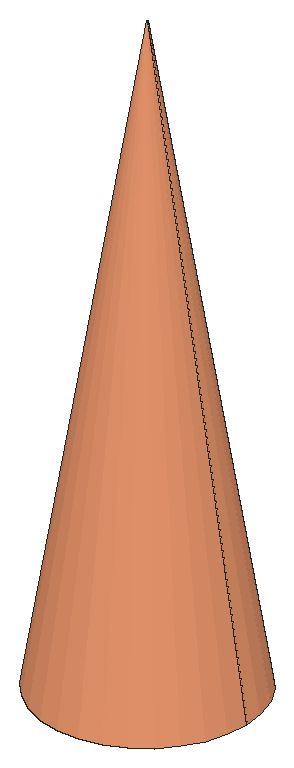
Revit family "Fall Mark", category Generic Models, Revit 2022
Family settings
  Can host rebar = No
  Round Connector Dimension = Use Diameter
  Part Type = Normal
  Work Plane-Based = No
  Always vertical = Yes
  Cut with Voids When Loaded = No
  Maintain Annotation Orientation = No
  Shared = No
  Room Calculation Point = No
Parameters
  Width [instance] = 200 mm
  Lenght Side Triangle [instance] = sqrt(Lenght ^ 2 + (Width / 2) ^ 2)  # 608.276 mm
  Lenght [instance] = 600 mm
  Lenght Base Triangle [instance] = Width  # 200 mm
  Height [instance] = 600 mm
  FallMarkTextNoteId [instance] = ""
  Default Elevation = 0 mm
Reference planes
  plane 1 "Center (Front/Back)": y = 0
  plane 2: z = 0
  plane 3 "Center (Left/Right)": x = 0
Forms (mm)
  Revolve 1, solid, material "Mark Material"
    sketch origin (0, 0, 0) x (1, 0, 0) y (0, 0, 1)
      loop
        line (0, 600) -> (-100, 0) -> (0, 0) -> (0, 600)
      axis (0, 600) -> (0, 0)
    angle from 0 to 360
Lines and regions (mm)
  reference lines
    curve 1: line (-247.176, 600, 0) -> (210, 600, 0)
    curve 2: line (-100, 695.407, 0) -> (-100, -106.482, 0)
    curve 3: line (100, 695.407, 0) -> (100, -106.482, 0)
    curve 4: line (-354.461, 0, 600) -> (300.539, 0, 600)
Dimensions and locks
  equal spacing: curve 2, plane 3 "Center (Left/Right)", curve 3
  "Lenght": plane 1 "Center (Front/Back)" to curve 1
  "Width": curve 2 to curve 3
  "Height": curve 4 to level
  aligned and locked: level to plane 2
Automatic sketch dimensions
  curve 4 to plane 3 "Center (Left/Right)" = 354.461 mm
  plane 3 "Center (Left/Right)" to curve 4 = 300.539 mm
  Revolve 1 sketch curve to level = 0 mm
  Revolve 1 sketch curve to plane 3 "Center (Left/Right)" = 0 mm  (x2)
  Revolve 1 sketch curve to plane 3 "Center (Left/Right)" = 100 mm
  level to Revolve 1 sketch curve = 600 mm
  Revolve 1 sketch curve to level = 366.045 mm
  Revolve 1 sketch curve to Revolve 1 sketch curve = 1614.315 mm
  curve 1 to curve 2 = 147.176 mm
  curve 3 to curve 1 = 110 mm
  plane 1 "Center (Front/Back)" to curve 2 = 106.482 mm
  plane 1 "Center (Front/Back)" to curve 3 = 106.482 mm
  curve 1 to curve 3 = 95.407 mm
  curve 1 to curve 2 = 95.407 mm
Nested families
  nested 1: "Triangle Mark" at (0, -240, 0), type "Triangle Mark"
    with width 200 mm, Length 600 mm
Definition of nested family "Triangle Mark"
  Parameters (values of type "Triangle Mark")
    width [instance] = 200 mm
    Length [instance] = 600 mm
  Reference planes
    plane 1 "Center (Front/Back)": y = 0
    plane 2: z = 0
    plane 3 "Center (Left/Right)": x = 0
  Lines and regions (mm)
    Filled region 1, type "Brick", in view "Ref. Level"
      outline origin (0, 0, 0) x (1, 0, 0) y (0, 1, 0)
        loop
          line (-100, 0) -> (100, 0) -> (0, 600) -> (-100, 0)
    reference lines, in view "Ref. Level"
      curve 1: line (-100, 600, 0) -> (100, 600, 0)
      curve 2: line (100, 600, 0) -> (100, 0, 0)
      curve 3: line (100, 0, 0) -> (-100, 0, 0)
      curve 4: line (-100, 0, 0) -> (-100, 600, 0)
  Dimensions and locks
    equal spacing: curve 4, plane 3 "Center (Left/Right)", curve 2
    "width": curve 4 to curve 2
    "Length": curve 3 to curve 1
  Automatic sketch dimensions
    plane 1 "Center (Front/Back)" to Filled region 1 sketch curve = 0 mm
    Filled region 1 sketch curve to plane 3 "Center (Left/Right)" = 0 mm
    Filled region 1 sketch curve to plane 1 "Center (Front/Back)" = 600 mm
    Filled region 1 sketch curve to plane 3 "Center (Left/Right)" = 100 mm
    plane 3 "Center (Left/Right)" to Filled region 1 sketch curve = 100 mm
    plane 1 "Center (Front/Back)" to curve 3 = 0 mm
